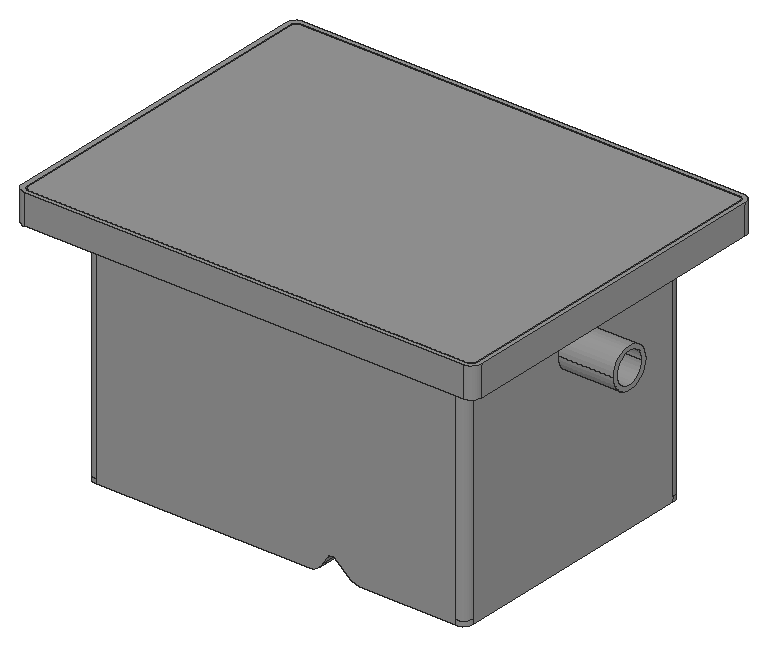
Revit family "Lil_L", category Plumbing Fixtures, Revit 2019
Family settings
  Round Connector Dimension = Use Diameter
  Part Type = Normal
  Work Plane-Based = No
  Always vertical = Yes
  Cut with Voids When Loaded = No
  Shared = No
  Room Calculation Point = No
Parameters (values of type "Lil-10-O")
  top 2 = 3.09455"
  URL = "www.mifab.com"
  TOP1 = 1 1/2"
  TOP THK = 1 1/2"
  Pressure Drop = 0.00 psi
  Model = "MI-G-PL-PF4"
  Mechanical Flow = 10 GPM
  Material = Polyethylene, High Density
  Manufacturer = "MIFAB"
  FULL DIM = 6"
  F2 = F / 2 - 51/256"  # 205/256"
  F/2 = F / 2  # 1"
  F = 2"
  E = 13 1/4"
  Description = "10GPM Lil Max GPM HDPE Oil Interceptor"
  D = 9 3/4"
  C = 3 1/2"
  BOTTOM 1 = 9"
  B = 17 1/2"
  A+1 = (A + 1") / 1.95  # 12.30769"
  A = 23"
Types (7): name | Mechanical Flow | F2 | F/2 | F | E | Description | D | C | B | A+1 | A
  (no name) | 10 GPM | 205/256" | 1" | 2" | 13 1/4" | "10GPM Lil Max GPM HDPE Oil Interceptor" | 9 3/4" | 3 1/2" | 17 1/2" | 12.30769" | 23"
  Lil-10-O | 10 GPM | 205/256" | 1" | 2" | 13 1/4" | "10GPM Lil Max GPM HDPE Oil Interceptor" | 9 3/4" | 3 1/2" | 17 1/2" | 12.30769" | 23"
  Lil-15-O | 15 GPM | 205/256" | 1" | 2" | 16 3/4" | "15GPM Lil Max GPM HDPE Oil Interceptor" | 13 1/4" | 3 1/2" | 17 1/2" | 12.30769" | 23"
  Lil-20-O | 20 GPM | 1 77/256" | 1 1/2" | 3" | 14 1/4" | "20GPM Lil Max GPM HDPE Oil Interceptor" | 10 3/4" | 3 1/2" | 20 1/2" | 15.64103" | 29 1/2"
  Lil-25-O | 25 GPM | 1 77/256" | 1 1/2" | 3" | 18 1/4" | "25GPM Lil Max GPM HDPE Oil Interceptor" | 14 3/4" | 3 1/2" | 20 1/2" | 15.64103" | 29 1/2"
  Lil-35-O | 35 GPM | 1 77/256" | 1 1/2" | 3" | 22 1/4" | "35GPM Lil Max GPM HDPE Oil Interceptor" | 16 3/4" | 5 1/2" | 25 1/2" | 17.4359" | 33"
  Lil-50-O | 50 GPM | 1 77/256" | 1 1/2" | 3" | 24 1/4" | "50GPM Lil Max GPM HDPE Oil Interceptor" | 18 3/4" | 5 1/2" | 25 1/2" | 17.4359" | 33"
Reference planes (in)
  plane 1 "Center (Front/Back)": y = 0
  plane 2: z = 0
  plane 3 "Center (Left/Right)": x = 0
  plane 4: z = -3.5
  plane 5: z = -13.25
Forms (in)
  Extrusion 1, solid, material "Polyethylene, High Density" <- "Material"
    sketch origin (-0.57139, 0, 0) x (1, 0, 0) y (0, 1, 0)
      loop
        arc (-10.42861, 8.75) -> (-10.78216, 8.60355) -> (-10.92861, 8.25) r 0.5
        line (-10.92861, 8.25) -> (-10.92861, -8.25)
        arc (-10.92861, -8.25) -> (-10.78216, -8.60355) -> (-10.42861, -8.75) r 0.5
        line (-10.42861, -8.75) -> (11.57139, -8.75)
        arc (11.57139, -8.75) -> (11.92494, -8.60355) -> (12.07139, -8.25) r 0.5
        line (12.07139, -8.25) -> (12.07139, 8.25)
        arc (12.07139, 8.25) -> (11.92494, 8.60355) -> (11.57139, 8.75) r 0.5
        line (11.57139, 8.75) -> (-10.42861, 8.75)
      loop
        arc (-10.67861, -8.25) -> (-10.60539, -8.42678) -> (-10.42861, -8.5) r 0.25
        line (-10.42861, -8.5) -> (11.57139, -8.5)
        arc (11.57139, -8.5) -> (11.74817, -8.42678) -> (11.82139, -8.25) r 0.25
        line (11.82139, -8.25) -> (11.82139, 8.25)
        arc (11.82139, 8.25) -> (11.74817, 8.42678) -> (11.57139, 8.5) r 0.25
        line (11.57139, 8.5) -> (-10.42861, 8.5)
        arc (-10.42861, 8.5) -> (-10.60539, 8.42678) -> (-10.67861, 8.25) r 0.25
        line (-10.67861, 8.25) -> (-10.67861, -8.25)
    from -1.5 to 0
  Extrusion 2, solid, material "Polyethylene, High Density" <- "Material"
    sketch origin (0, 0, 0) x (1, 0, 0) y (0, 1, 0)
      loop
        arc (-9, 6.75) -> (-9.35355, 6.60355) -> (-9.5, 6.25) r 0.5
        line (-9.5, 6.25) -> (-9.5, -6.25)
        arc (-9.5, -6.25) -> (-9.35355, -6.60355) -> (-9, -6.75) r 0.5
        line (-9, -6.75) -> (9, -6.75)
        arc (9, -6.75) -> (9.35355, -6.60355) -> (9.5, -6.25) r 0.5
        line (9.5, -6.25) -> (9.5, 6.25)
        arc (9.5, 6.25) -> (9.35355, 6.60355) -> (9, 6.75) r 0.5
        line (9, 6.75) -> (-9, 6.75)
      loop
        arc (-9.25, -6.25) -> (-9.17678, -6.42678) -> (-9, -6.5) r 0.25
        line (-9, -6.5) -> (9, -6.5)
        arc (9, -6.5) -> (9.17678, -6.42678) -> (9.25, -6.25) r 0.25
        line (9.25, -6.25) -> (9.25, 6.25)
        arc (9.25, 6.25) -> (9.17678, 6.42678) -> (9, 6.5) r 0.25
        line (9, 6.5) -> (-9, 6.5)
        arc (-9, 6.5) -> (-9.17678, 6.42678) -> (-9.25, 6.25) r 0.25
        line (-9.25, 6.25) -> (-9.25, -6.25)
    from -13.25 to -1.5
  Extrusion 3, solid, material "Polyethylene, High Density" <- "Material"
    sketch origin (0, 0, 0) x (0, 1, 0) y (0, 0, 1)
      loop
        circle (0, -3.5) r 1
    from 9.25 to 12.30769
  Extrusion 4, void
    sketch origin (0, 0, 0) x (0, 1, 0) y (0, 0, 1)
      loop
        circle (0, -3.5) r 0.80078
    from -12.30769 to 12.30769
  Extrusion 5, solid, material "Polyethylene, High Density" <- "Material"
    sketch origin (0, 0, 0) x (0, 1, 0) y (0, 0, -1)
      loop
        circle (0, 3.5) r 1
    from 9.25 to 12.30769
  Extrusion 6, solid, material "Polyethylene, High Density" <- "Material"
    sketch origin (0, 0, 0) x (1, 0, 0) y (0, 1, 0)
      loop
        line (-11.25, 8.25) -> (-11.25, -8.25)
        arc (-11.25, -8.25) -> (-11.17678, -8.42678) -> (-11, -8.5) r 0.25
        line (-11, -8.5) -> (11, -8.5)
        arc (11, -8.5) -> (11.17678, -8.42678) -> (11.25, -8.25) r 0.25
        line (11.25, -8.25) -> (11.25, 8.25)
        arc (11.25, 8.25) -> (11.17678, 8.42678) -> (11, 8.5) r 0.25
        line (11, 8.5) -> (-11, 8.5)
        arc (-11, 8.5) -> (-11.17678, 8.42678) -> (-11.25, 8.25) r 0.25
      loop
        line (-9.25, 6.25) -> (-9.25, -6.25)
        arc (-9.25, -6.25) -> (-9.17678, -6.42678) -> (-9, -6.5) r 0.25
        line (-9, -6.5) -> (9, -6.5)
        arc (9, -6.5) -> (9.17678, -6.42678) -> (9.25, -6.25) r 0.25
        line (9.25, -6.25) -> (9.25, 6.25)
        arc (9.25, 6.25) -> (9.17678, 6.42678) -> (9, 6.5) r 0.25
        line (9, 6.5) -> (-9, 6.5)
        arc (-9, 6.5) -> (-9.17678, 6.42678) -> (-9.25, 6.25) r 0.25
    from -1.5 to -1.27407
  Extrusion 7, solid, material "Polyethylene, High Density" <- "Material"
    sketch origin (0, 0, 0) x (1, 0, 0) y (0, 0, 1)
      loop
        line (-9.5, -13.25) -> (1.68146, -13.25)
        arc (1.68146, -13.25) -> (2.08444, -13.13254) -> (2.3612, -12.81696) r 0.75
        line (2.3612, -12.81696) -> (2.63018, -12.41446)
        arc (2.63018, -12.41446) -> (2.78411, -12.31852) -> (2.95785, -12.3706) r 0.22028
        line (2.95785, -12.3706) -> (3.61676, -12.94339)
        arc (3.61676, -12.94339) -> (3.99907, -13.17084) -> (4.43683, -13.25) r 1.25
        line (4.43683, -13.25) -> (9.5, -13.25) -> (9.5, -13) -> (4.43683, -13)
        arc (4.43683, -13) -> (4.08662, -12.93667) -> (3.78077, -12.75471) r 1
        line (3.78077, -12.75471) -> (3.10631, -12.16841)
        arc (3.10631, -12.16841) -> (2.74971, -12.0615) -> (2.43377, -12.25842) r 0.45213
        line (2.43377, -12.25842) -> (2.14162, -12.69558)
        arc (2.14162, -12.69558) -> (1.95733, -12.91701) -> (1.68146, -13) r 0.5
        line (1.68146, -13) -> (-9.5, -13) -> (-9.5, -13.25)
    from -6.75 to 6.75
  Extrusion 8, void
    sketch origin (0, 0, 0) x (1, 0, 0) y (0, 0, 1)
      loop
        line (1.68146, -13.25) -> (4.43683, -13.25)
        arc (4.43683, -13.25) -> (3.99907, -13.17084) -> (3.61676, -12.94339) r 1.25
        line (3.61676, -12.94339) -> (2.95785, -12.3706)
        arc (2.95785, -12.3706) -> (2.78411, -12.31852) -> (2.63018, -12.41446) r 0.22028
        line (2.63018, -12.41446) -> (2.3612, -12.81696)
        arc (2.3612, -12.81696) -> (2.08444, -13.13254) -> (1.68146, -13.25) r 0.75
    from -13.05949 to 13.44892
  Extrusion 9, void
    sketch origin (0, 0, 0) x (1, 0, 0) y (0, 1, 0)
      loop
        arc (-9, 6.75) -> (-9.35355, 6.60355) -> (-9.5, 6.25) r 0.5
        line (-9.5, 6.25) -> (-9.5, -6.25)
        arc (-9.5, -6.25) -> (-9.35355, -6.60355) -> (-9, -6.75) r 0.5
        line (-9, -6.75) -> (9, -6.75)
        arc (9, -6.75) -> (9.35355, -6.60355) -> (9.5, -6.25) r 0.5
        line (9.5, -6.25) -> (9.5, 6.25)
        arc (9.5, 6.25) -> (9.35355, 6.60355) -> (9, 6.75) r 0.5
        line (9, 6.75) -> (-9, 6.75)
      loop
        arc (-9, 7) -> (-9.53033, 6.78033) -> (-9.75, 6.25) r 0.75
        line (-9.75, 6.25) -> (-9.75, -6.25)
        arc (-9.75, -6.25) -> (-9.53033, -6.78033) -> (-9, -7) r 0.75
        line (-9, -7) -> (9, -7)
        arc (9, -7) -> (9.53033, -6.78033) -> (9.75, -6.25) r 0.75
        line (9.75, -6.25) -> (9.75, 6.25)
        arc (9.75, 6.25) -> (9.53033, 6.78033) -> (9, 7) r 0.75
        line (9, 7) -> (-9, 7)
    from -13.25 to -8.24153
  Extrusion 10, solid, material "Polytetrafluoroethylene"
    sketch origin (0, 0, 0) x (1, 0, 0) y (0, 1, 0)
      loop
        arc (-11.25, -8.25) -> (-11.17678, -8.42678) -> (-11, -8.5) r 0.25
        line (-11, -8.5) -> (11, -8.5)
        arc (11, -8.5) -> (11.17678, -8.42678) -> (11.25, -8.25) r 0.25
        line (11.25, -8.25) -> (11.25, 8.25)
        arc (11.25, 8.25) -> (11.17678, 8.42678) -> (11, 8.5) r 0.25
        line (11, 8.5) -> (-11, 8.5)
        arc (-11, 8.5) -> (-11.17678, 8.42678) -> (-11.25, 8.25) r 0.25
        line (-11.25, 8.25) -> (-11.25, -8.25)
    from -1.27407 to 0
Cuts and joins
  Extrusion 4 cuts Extrusion 1
  Extrusion 4, Extrusion 8 cuts Extrusion 2
  Extrusion 4 cuts Extrusion 3
  Extrusion 4 cuts Extrusion 5
  Extrusion 4 cuts Extrusion 6
  Extrusion 4, Extrusion 8, Extrusion 9 cuts Extrusion 7
  joined: Extrusion 1, Extrusion 2, Extrusion 3, Extrusion 5, Extrusion 6, Extrusion 7
Dimensions and locks (in)
  "D": plane 5 to plane 4
  "C": level to plane 4
  equal spacing: Extrusion 1 sketch curve, plane 1 "Center (Front/Back)", Extrusion 1 sketch curve
  plane 1 "Center (Front/Back)" to Extrusion 1 sketch curve = 8 3/4"
  equal spacing: Extrusion 1, plane 3 "Center (Left/Right)", Extrusion 1
  "A+1": Extrusion 3 to plane 3 "Center (Left/Right)"
  "A": Extrusion 1 sketch curve to Extrusion 1 sketch curve
  equal spacing: Extrusion 1 sketch curve, plane 3 "Center (Left/Right)", Extrusion 1 sketch curve
  "A+1": cut or joined group 1 (Extrusion 1, Extrusion 2, Extrusion 3, Extrusion 4, Extrusion 5, Extrusion 6, Extrusion 7, Extrusion 8, Extrusion 9) to plane 3 "Center (Left/Right)"
  locked: Extrusion 6 to Extrusion 1 at 0.22593
  equal spacing: Extrusion 2 sketch curve, plane 3 "Center (Left/Right)", Extrusion 2 sketch curve
  equal spacing: Extrusion 2 sketch curve, plane 1 "Center (Front/Back)", Extrusion 2 sketch curve
  cut or joined group 1 to cut or joined group 1 = 1/4"
  locked: cut or joined group 1 to cut or joined group 1 at 0.25  (x3)
  cut or joined group 1 to cut or joined group 1 = 2"
  locked: cut or joined group 1 to cut or joined group 1 at 2
  locked: Extrusion 6 sketch curve to cut or joined group 1 at 2  (x2)
  "B": cut or joined group 1 to cut or joined group 1
  locked: cut or joined group 1 to cut or joined group 1 at 2.25  (x2)
  "F/2": radius of Extrusion 3 sketch curve
  "F2": radius of Extrusion 4 sketch curve
  "F/2": radius of Extrusion 5 sketch curve
  aligned and locked: plane 2 to level
  aligned and locked: level to Extrusion 1
  aligned and locked: Extrusion 2 to plane 5
  aligned and locked: Extrusion 2 to Extrusion 1
  aligned and locked: plane 1 "Center (Front/Back)" to Extrusion 3 sketch curve
  aligned and locked: plane 4 to Extrusion 3 sketch curve
  aligned and locked: plane 1 "Center (Front/Back)" to Extrusion 4 sketch curve
  aligned and locked: plane 4 to Extrusion 4 sketch curve
  aligned and locked: Extrusion 6 sketch curve to Extrusion 1  (x4)
  aligned and locked: Extrusion 1 to Extrusion 6
  aligned and locked: Extrusion 7 sketch curve to cut or joined group 1
  aligned and locked: Extrusion 8 sketch curve to cut or joined group 1  (x3)
  aligned and locked: cut or joined group 1 to Extrusion 8 sketch curve
  aligned and locked: cut or joined group 1 to Extrusion 6 sketch curve  (x2)
  aligned and locked: Extrusion 7 to Extrusion 2  (x2)
  aligned and locked: Extrusion 2 to Extrusion 7
  aligned and locked: Extrusion 2 to Extrusion 3
  aligned and locked: Extrusion 2 to Extrusion 5
  aligned and locked: Extrusion 9 sketch curve to cut or joined group 1  (x4)
  aligned and locked: Extrusion 9 to plane 5
  aligned and locked: Extrusion 10 sketch curve to cut or joined group 1  (x4)
  aligned and locked: Extrusion 10 to cut or joined group 1
  aligned and locked: level to Extrusion 10
  aligned and locked: Extrusion 3 to Extrusion 4
  aligned and locked: Extrusion 5 to Extrusion 4
  aligned and locked: plane 4 to Extrusion 5 sketch curve
  aligned and locked: plane 1 "Center (Front/Back)" to Extrusion 5 sketch curve
Automatic sketch dimensions
  Extrusion 6 sketch curve to Extrusion 6 sketch curve = 1/4"  (x6)
  Extrusion 8 sketch curve to Extrusion 8 sketch curve = 0.67973"
  plane 5 to Extrusion 8 sketch curve = 0.30661"
  Extrusion 8 sketch curve to Extrusion 8 sketch curve = 0.26899"
  Extrusion 8 sketch curve to Extrusion 8 sketch curve = 0.12239"
  Extrusion 8 sketch curve to Extrusion 8 sketch curve = 37/256"
  Extrusion 2 sketch curve to plane 3 "Center (Left/Right)" = 9 1/2"
  Extrusion 2 sketch curve to Extrusion 2 sketch curve = 1/2"  (x4)
  Extrusion 2 sketch curve to Extrusion 2 sketch curve = 0"  (x11)
  Extrusion 2 sketch curve to Extrusion 2 sketch curve = 1/4"
  plane 1 "Center (Front/Back)" to Extrusion 2 sketch curve = 6 3/4"
  Extrusion 6 sketch curve to Extrusion 6 sketch curve = 2"
  Extrusion 7 sketch curve to Extrusion 7 sketch curve = 0"  (x4)
  Extrusion 7 sketch curve to plane 5 = 0"
  Extrusion 7 sketch curve to plane 3 "Center (Left/Right)" = 9 1/2"
  plane 5 to Extrusion 7 sketch curve = 1/4"
  plane 3 "Center (Left/Right)" to Extrusion 7 sketch curve = 1.68146"
  plane 5 to Extrusion 7 sketch curve = 0.55442"
  Extrusion 7 sketch curve to Extrusion 7 sketch curve = 0.46016"
  plane 5 to Extrusion 7 sketch curve = 0.43304"
  Extrusion 7 sketch curve to Extrusion 7 sketch curve = 0.29215"
  plane 5 to Extrusion 7 sketch curve = 0.83554"
  Extrusion 7 sketch curve to Extrusion 7 sketch curve = 0.19641"
  Extrusion 7 sketch curve to Extrusion 7 sketch curve = 0.1795"
  Extrusion 7 sketch curve to Extrusion 7 sketch curve = 0.00364"
  plane 5 to Extrusion 7 sketch curve = 0.8794"
  Extrusion 7 sketch curve to Extrusion 7 sketch curve = 0.14816"
  plane 5 to Extrusion 7 sketch curve = 1.08159"
  Extrusion 7 sketch curve to Extrusion 7 sketch curve = 0.14846"
  plane 5 to Extrusion 7 sketch curve = 0.30661"
  Extrusion 7 sketch curve to Extrusion 7 sketch curve = 0.65891"
  plane 5 to Extrusion 7 sketch curve = 0.49529"
  Extrusion 7 sketch curve to Extrusion 7 sketch curve = 0.16401"
  Extrusion 7 sketch curve to Extrusion 7 sketch curve = 0.65606"
  Extrusion 7 sketch curve to Extrusion 7 sketch curve = 5.06317"
  Extrusion 7 sketch curve to Extrusion 7 sketch curve = 0.02722"
  Extrusion 9 sketch curve to Extrusion 9 sketch curve = 0"  (x7)
  Extrusion 9 sketch curve to Extrusion 9 sketch curve = 1/4"
  Extrusion 1 sketch curve to Extrusion 1 sketch curve = 0"  (x7)
  Extrusion 1 sketch curve to Extrusion 1 sketch curve = 1/4"  (x5)
  Extrusion 3 sketch curve to plane 4 = 0"
Connectors (in)
  piping at (12.30769, 0, -3.5), diameter 2, driven by "F", driven by "Mechanical Flow"
    settings: on cut or joined group 1, index 1, connector inside diameter 24", connector length 0", flow factor 0, pipe flow 10 GPM, pressure drop 0.00 psi, fitting loss kfactor 0, connector angle 0.00°, fixture units 0, engagement length 0", angle of deflection 0.00°, flow configuration 0, flow direction 0, fitting loss method 0, system type 7, joint type 0, gender type 0, connector reference index -1, connector utility 0, adjustable connector no, is connector primary yes, connector description ""
  piping at (-12.30769, 0, -3.5), diameter 2, driven by "F", driven by "Mechanical Flow"
    settings: on cut or joined group 1, index 2, connector inside diameter 24", connector length 0", flow factor 0, pipe flow 10 GPM, pressure drop 0.00 psi, fitting loss kfactor 0, connector angle 0.00°, fixture units 0, engagement length 0", angle of deflection 0.00°, flow configuration 0, flow direction 0, fitting loss method 0, system type 7, joint type 0, gender type 0, connector reference index -1, connector utility 0, adjustable connector no, is connector primary no, connector description ""
